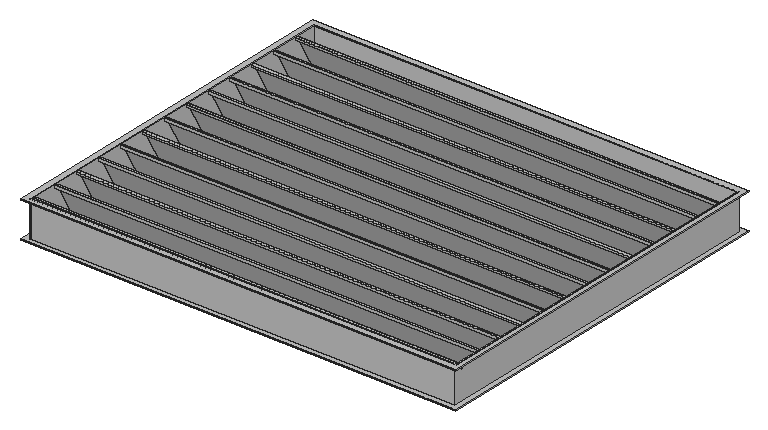
Revit family "Louver-Channel_Frame-Carnes-Rectangular-J_Blade_FLGC", category Air Terminals, host Face, Revit 2012
Parameters (values of type "(See Type Catalog)")
  ecoScorecard_data = ""
  ecoScorecard Product Page = "http://ecoscorecard.com/"
  URL = "http://www.carnes.com/index.html"
  Subcategory = "Louvers and Dampers"
  Specifications  URL = "http://www.carnes.com/Louvers/pdf/17144.pdf"
  Product Page URL = "http://www.carnes.com/Louvers/FLGC-FKGC.htm"
  Product Line = "\"J\" Blade Louvers"
  Pressure Drop = 0.00 Pa
  Point of Water Penetration = 834 FPM
  Outside Width = Louver Width + 1" * 2  # 74"
  Outside Height = Louver Height + 1" * 2  # 62"
  Model = "FLGC"
  Minimum Size = "12\"W x 12\"H"
  Meets Building Code Standards = "Licensed to bear the AMCA seal"
  Maximum Vertical Size = "84\"W x 120\"H"
  Maximum Horinzontal Size = "120\"W x 84\"H"
  Manufacturer = "Carnes Company"
  Free Area Note = "See Spec Sheet URL"
  Free Area = 0.00 SF
  Description = "\"J\" Blade Louvers"
  Connector Description 1 = "Duct Connetor"
  Blades Quantity [instance] = Louver Height / 4 5/8"  # 13
  Manufacturer Phone = "608-845-6411"
  Manufacturer Fax = "608-845-6470"
  Manufacturer Email = "mailto:carnes@carnes.com"
  Manufacturer Address = "448 S. Main St., P. O. Box 930040, Verona, WI 53593-0040"
  Louver Width = 72"
  Louver Length = 6.2"
  Louver Height = 60"
  Blades Length [instance] = Louver Length - 1/4"  # 5.95"
  Frame Material = Aluminum - Carnes - Extruded
  Default Elevation = 48"
  Cost Info = "mailto:carnes@carnes.com"
  Catalog URL = "http://www.carnes.com/Louvers/pdf/f6-7.pdf"
  Symbol Blades Quantity = (Louver Width / 3")  # 24
  Blade Offset from Frame [instance] = 3"
  Blade Material = Aluminum - Carnes - Extruded
  Assembly Code = "D3090700"
  Airflow = 0 CFM
  95 CSI = "10200"
  04 CSI = "08 91 00"
Reference planes (in)
  plane 1 "Center (Elevation)": y = 0
  plane 2: z = 0
  plane 3 "Center (Left/Right)": x = 0
  plane 4 "Rear": z = -6.2
  plane 5: z = -0.125
  plane 6: z = -6.075
  plane 7: z = -3.1
  plane 8: x = -36
  plane 9: x = 36
  plane 10: x = -37
  plane 11: x = 37
  plane 12: y = 30
  plane 13: y = -30
  plane 14: y = 31
  plane 15: y = -31
  plane 16 "Blade CL": y = 28
Forms (in)
  Extrusion 1, solid, material "Aluminum - Carnes - Extruded" <- "Frame Material"
    sketch origin (0, 0, 0) x (1, 0, 0) y (0, 1, 0)
      loop
        line (-37, 31) -> (-37, -31) -> (37, -31) -> (37, 31) -> (-37, 31)
      loop
        line (-36, 30) -> (-36, -30) -> (36, -30) -> (36, 30) -> (-36, 30)
    from -0.125 to 0
  Extrusion 2, solid, material "Aluminum - Carnes - Extruded" <- "Frame Material"
    sketch origin (0, 0, 0) x (1, 0, 0) y (0, 1, 0)
      loop
        line (-37, 31) -> (-37, -31) -> (37, -31) -> (37, 31) -> (-37, 31)
      loop
        line (-36, 30) -> (-36, -30) -> (36, -30) -> (36, 30) -> (-36, 30)
    from -6.2 to -6.075
  Extrusion 3, solid, material "Aluminum - Carnes - Extruded" <- "Frame Material"
    sketch origin (0, 0, 0) x (1, 0, 0) y (0, 1, 0)
      loop
        line (-36, 30) -> (-36, -30) -> (36, -30) -> (36, 30) -> (-36, 30)
      loop
        line (-36.125, 30.125) -> (-36.125, -30.125) -> (36.125, -30.125) -> (36.125, 30.125) -> (-36.125, 30.125)
    from -6.075 to -0.125
Lines and regions (in)
  Masking region 1, detail levels coarse
    outline origin (0, 0, 0) x (1, 0, 0) y (0, 0, 1)
      loop
        line (37, 0) -> (-37, 0) -> (-37, -6.2) -> (37, -6.2) -> (37, 0)
  Masking region 2, detail levels medium+fine
    outline origin (0, 0, 0) x (1, 0, 0) y (0, 0, 1)
      loop
        line (37, 0) -> (-37, 0) -> (-37, -0.125) -> (-36.125, -0.125) -> (-36.125, -6.075) -> (-37, -6.075) -> (-37, -6.2) -> (37, -6.2) -> (37, -6.075) -> (36.125, -6.075) -> (36.125, -0.125) -> (37, -0.125) -> (37, 0)
  symbolic lines, detail levels fine
    curve 1: line (36.125, 0, -0.125) -> (-36.125, 0, -0.125)
    curve 2: line (36.125, 0, -6.075) -> (-36.125, 0, -6.075)
  symbolic lines
    curve 3: line (36, 0, -0.1875) -> (35.52861, 0, -0.1875)
    curve 4: line (32.3704, 0, -6.0125) -> (33.94951, 0, -3.1)
    curve 5: line (33.94951, 0, -3.1) -> (35.52861, 0, -0.1875)
    curve 6: line (33, 0, -0.1875) -> (32.52861, 0, -0.1875)
    curve 7: line (29.3704, 0, -6.0125) -> (30.94951, 0, -3.1)
    curve 8: line (30.94951, 0, -3.1) -> (32.52861, 0, -0.1875)
    curve 9: line (30, 0, -0.1875) -> (29.52861, 0, -0.1875)
    curve 10: line (26.3704, 0, -6.0125) -> (27.94951, 0, -3.1)
    curve 11: line (27.94951, 0, -3.1) -> (29.52861, 0, -0.1875)
    curve 12: line (27, 0, -0.1875) -> (26.52861, 0, -0.1875)
    curve 13: line (23.3704, 0, -6.0125) -> (24.94951, 0, -3.1)
    curve 14: line (24.94951, 0, -3.1) -> (26.52861, 0, -0.1875)
    curve 15: line (24, 0, -0.1875) -> (23.52861, 0, -0.1875)
    curve 16: line (20.3704, 0, -6.0125) -> (21.94951, 0, -3.1)
    curve 17: line (21.94951, 0, -3.1) -> (23.52861, 0, -0.1875)
    curve 18: line (21, 0, -0.1875) -> (20.52861, 0, -0.1875)
    curve 19: line (17.3704, 0, -6.0125) -> (18.94951, 0, -3.1)
    curve 20: line (18.94951, 0, -3.1) -> (20.52861, 0, -0.1875)
    curve 21: line (18, 0, -0.1875) -> (17.52861, 0, -0.1875)
    curve 22: line (14.3704, 0, -6.0125) -> (15.94951, 0, -3.1)
    curve 23: line (15.94951, 0, -3.1) -> (17.52861, 0, -0.1875)
    curve 24: line (15, 0, -0.1875) -> (14.52861, 0, -0.1875)
    curve 25: line (11.3704, 0, -6.0125) -> (12.94951, 0, -3.1)
    curve 26: line (12.94951, 0, -3.1) -> (14.52861, 0, -0.1875)
    curve 27: line (12, 0, -0.1875) -> (11.52861, 0, -0.1875)
    curve 28: line (8.3704, 0, -6.0125) -> (9.94951, 0, -3.1)
    curve 29: line (9.94951, 0, -3.1) -> (11.52861, 0, -0.1875)
    curve 30: line (9, 0, -0.1875) -> (8.52861, 0, -0.1875)
    curve 31: line (5.3704, 0, -6.0125) -> (6.94951, 0, -3.1)
    curve 32: line (6.94951, 0, -3.1) -> (8.52861, 0, -0.1875)
    curve 33: line (6, 0, -0.1875) -> (5.52861, 0, -0.1875)
    curve 34: line (2.3704, 0, -6.0125) -> (3.94951, 0, -3.1)
    curve 35: line (3.94951, 0, -3.1) -> (5.52861, 0, -0.1875)
    curve 36: line (3, 0, -0.1875) -> (2.52861, 0, -0.1875)
    curve 37: line (-0.6296, 0, -6.0125) -> (0.94951, 0, -3.1)
    curve 38: line (0.94951, 0, -3.1) -> (2.52861, 0, -0.1875)
    curve 39: line (0, 0, -0.1875) -> (-0.47139, 0, -0.1875)
    curve 40: line (-3.6296, 0, -6.0125) -> (-2.05049, 0, -3.1)
    curve 41: line (-2.05049, 0, -3.1) -> (-0.47139, 0, -0.1875)
    curve 42: line (-3, 0, -0.1875) -> (-3.47139, 0, -0.1875)
    curve 43: line (-6.6296, 0, -6.0125) -> (-5.05049, 0, -3.1)
    curve 44: line (-5.05049, 0, -3.1) -> (-3.47139, 0, -0.1875)
    curve 45: line (-6, 0, -0.1875) -> (-6.47139, 0, -0.1875)
    curve 46: line (-9.6296, 0, -6.0125) -> (-8.05049, 0, -3.1)
    curve 47: line (-8.05049, 0, -3.1) -> (-6.47139, 0, -0.1875)
    curve 48: line (-9, 0, -0.1875) -> (-9.47139, 0, -0.1875)
    curve 49: line (-12.6296, 0, -6.0125) -> (-11.05049, 0, -3.1)
    curve 50: line (-11.05049, 0, -3.1) -> (-9.47139, 0, -0.1875)
    curve 51: line (-12, 0, -0.1875) -> (-12.47139, 0, -0.1875)
    curve 52: line (-15.6296, 0, -6.0125) -> (-14.05049, 0, -3.1)
    curve 53: line (-14.05049, 0, -3.1) -> (-12.47139, 0, -0.1875)
    curve 54: line (-15, 0, -0.1875) -> (-15.47139, 0, -0.1875)
    curve 55: line (-18.6296, 0, -6.0125) -> (-17.05049, 0, -3.1)
    curve 56: line (-17.05049, 0, -3.1) -> (-15.47139, 0, -0.1875)
    curve 57: line (-18, 0, -0.1875) -> (-18.47139, 0, -0.1875)
    curve 58: line (-21.6296, 0, -6.0125) -> (-20.05049, 0, -3.1)
    curve 59: line (-20.05049, 0, -3.1) -> (-18.47139, 0, -0.1875)
    curve 60: line (-21, 0, -0.1875) -> (-21.47139, 0, -0.1875)
    curve 61: line (-24.6296, 0, -6.0125) -> (-23.05049, 0, -3.1)
    curve 62: line (-23.05049, 0, -3.1) -> (-21.47139, 0, -0.1875)
    curve 63: line (-24, 0, -0.1875) -> (-24.47139, 0, -0.1875)
    curve 64: line (-27.6296, 0, -6.0125) -> (-26.05049, 0, -3.1)
    curve 65: line (-26.05049, 0, -3.1) -> (-24.47139, 0, -0.1875)
    curve 66: line (-27, 0, -0.1875) -> (-27.47139, 0, -0.1875)
    curve 67: line (-30.6296, 0, -6.0125) -> (-29.05049, 0, -3.1)
    curve 68: line (-29.05049, 0, -3.1) -> (-27.47139, 0, -0.1875)
    curve 69: line (-30, 0, -0.1875) -> (-30.47139, 0, -0.1875)
    curve 70: line (-33.6296, 0, -6.0125) -> (-32.05049, 0, -3.1)
    curve 71: line (-32.05049, 0, -3.1) -> (-30.47139, 0, -0.1875)
    curve 72: line (32.3704, 0, -6.0125) -> (31.8704, 0, -6.0125)
    curve 73: line (29.3704, 0, -6.0125) -> (28.8704, 0, -6.0125)
    curve 74: line (26.3704, 0, -6.0125) -> (25.8704, 0, -6.0125)
    curve 75: line (23.3704, 0, -6.0125) -> (22.8704, 0, -6.0125)
    curve 76: line (20.3704, 0, -6.0125) -> (19.8704, 0, -6.0125)
    curve 77: line (17.3704, 0, -6.0125) -> (16.8704, 0, -6.0125)
    curve 78: line (14.3704, 0, -6.0125) -> (13.8704, 0, -6.0125)
    curve 79: line (11.3704, 0, -6.0125) -> (10.8704, 0, -6.0125)
    curve 80: line (8.3704, 0, -6.0125) -> (7.8704, 0, -6.0125)
    curve 81: line (5.3704, 0, -6.0125) -> (4.8704, 0, -6.0125)
    curve 82: line (2.3704, 0, -6.0125) -> (1.8704, 0, -6.0125)
    curve 83: line (-0.6296, 0, -6.0125) -> (-1.1296, 0, -6.0125)
    curve 84: line (-3.6296, 0, -6.0125) -> (-4.1296, 0, -6.0125)
    curve 85: line (-6.6296, 0, -6.0125) -> (-7.1296, 0, -6.0125)
    curve 86: line (-9.6296, 0, -6.0125) -> (-10.1296, 0, -6.0125)
    curve 87: line (-12.6296, 0, -6.0125) -> (-13.1296, 0, -6.0125)
    curve 88: line (-15.6296, 0, -6.0125) -> (-16.1296, 0, -6.0125)
    curve 89: line (-18.6296, 0, -6.0125) -> (-19.1296, 0, -6.0125)
    curve 90: line (-21.6296, 0, -6.0125) -> (-22.1296, 0, -6.0125)
    curve 91: line (-24.6296, 0, -6.0125) -> (-25.1296, 0, -6.0125)
    curve 92: line (-27.6296, 0, -6.0125) -> (-28.1296, 0, -6.0125)
    curve 93: line (-30.6296, 0, -6.0125) -> (-31.1296, 0, -6.0125)
    curve 94: line (-33.6296, 0, -6.0125) -> (-34.1296, 0, -6.0125)
    curve 95: line (-33, 0, -0.1875) -> (-33.47139, 0, -0.1875)
    curve 96: line (-36.6296, 0, -6.0125) -> (-35.05049, 0, -3.1)
    curve 97: line (-35.05049, 0, -3.1) -> (-33.47139, 0, -0.1875)
    curve 98: line (-36.6296, 0, -6.0125) -> (-37.1296, 0, -6.0125)
Dimensions and locks (in)
  equal spacing: plane 15, plane 1 "Center (Elevation)", plane 14
  locked: plane 2 to plane 5 at 0.125
  locked: plane 6 to plane 4 "Rear" at 0.125
  "Louver Length": plane 2 to plane 4 "Rear"
  equal spacing: plane 5, plane 7, plane 6
  "Blade Offset from Frame": plane 14 to plane 16 "Blade CL"
  equal spacing: group 1, group 2, group 3, group 4, group 5, group 6, group 7, group 8, group 9, group 10, group 11, group 12, group 36  (x2)
  equal spacing: group 36, group 12, group 11, group 10, group 9, group 8, group 7, group 6, group 5, group 4, group 3, group 2, group 1
  locked: nested 1 to nested 2 at 4.64
  "Outside Height": plane 14 to plane 15
  equal spacing: plane 8, plane 3 "Center (Left/Right)", plane 9
  "Louver Width": plane 8 to plane 9
  equal spacing: plane 10, plane 3 "Center (Left/Right)", plane 11
  "Outside Width": plane 10 to plane 11
  equal spacing: plane 13, plane 1 "Center (Elevation)", plane 12
  "Louver Height": plane 13 to plane 12
  locked: curve 3 to plane 5 at 0.0625
  equal spacing: group 37, group 35, group 34, group 33, group 32, group 31, group 30, group 29, group 28, group 27, group 26, group 25, group 24, group 23, group 22, group 21, group 20, group 19, group 18, group 17, group 16, group 15, group 14, group 13
  equal spacing: group 13, group 14, group 15, group 16, group 17, group 18, group 19, group 20, group 21, group 22, group 23, group 24, group 25, group 26, group 27, group 28, group 29, group 30, group 31, group 32, group 33, group 34, group 35, group 37  (x2)
  locked: curve 51 to plane 5 at 0.0625
  locked: curve 5 to curve 8 at 3
  locked: plane 6 to curve 72 at 0.0625
  locked: curve 72 to plane 9 at 4.1296
  aligned and locked: plane 2 to host face
  aligned and locked: host face to level
  aligned and locked: plane 10 to Extrusion 1 sketch curve
  aligned and locked: Extrusion 1 sketch curve to plane 14
  aligned and locked: plane 15 to Extrusion 1 sketch curve
  aligned and locked: plane 11 to Extrusion 1 sketch curve
  aligned and locked: plane 8 to Extrusion 1 sketch curve
  aligned and locked: Extrusion 1 sketch curve to plane 12
  aligned and locked: plane 13 to Extrusion 1 sketch curve
  aligned and locked: plane 9 to Extrusion 1 sketch curve
  aligned and locked: Extrusion 1 to plane 5
  aligned and locked: plane 2 to Extrusion 1
  aligned and locked: Extrusion 2 sketch curve to Extrusion 1  (x6)
  aligned and locked: Extrusion 1 to Extrusion 2 sketch curve  (x2)
  aligned and locked: plane 6 to Extrusion 2
  aligned and locked: Extrusion 2 to plane 4 "Rear"
  aligned and locked: plane 8 to Extrusion 3 sketch curve
  aligned and locked: Extrusion 3 sketch curve to Extrusion 1  (x3)
  aligned and locked: plane 5 to Extrusion 3
  aligned and locked: Extrusion 3 to plane 6
  aligned and locked: plane 7 to nested 1
  aligned and locked: nested 1 to plane 16 "Blade CL"
  aligned and locked: plane 11 to Masking region 1 sketch curve
  aligned and locked: Masking region 1 sketch curve to plane 2
  aligned and locked: plane 4 "Rear" to Masking region 1 sketch curve
  aligned and locked: plane 10 to Masking region 1 sketch curve
  aligned and locked: Masking region 2 sketch curve to level
  aligned and locked: Masking region 2 sketch curve to plane 11  (x2)
  aligned and locked: plane 5 to Masking region 2 sketch curve  (x2)
  aligned and locked: Masking region 2 sketch curve to Extrusion 3  (x2)
  aligned and locked: plane 6 to Masking region 2 sketch curve  (x2)
  aligned and locked: plane 4 "Rear" to Masking region 2 sketch curve
  aligned and locked: Masking region 2 sketch curve to plane 10  (x2)
  aligned and locked: Extrusion 3 to curve 1  (x2)
  aligned and locked: curve 1 to plane 5
  aligned and locked: Extrusion 3 to curve 2  (x2)
  aligned and locked: curve 2 to plane 6
  aligned and locked: plane 7 to nested 13
Automatic sketch dimensions
  Extrusion 3 sketch curve to plane 8 = 1/8"
  Extrusion 3 sketch curve to plane 9 = 1/8"
  plane 13 to Extrusion 3 sketch curve = 1/8"
  plane 12 to Extrusion 3 sketch curve = 1/8"
  host sketch curve to host sketch curve = 122.28147"
  host sketch curve to host sketch curve = 113.0841"
  curve 4 to curve 5 = 3.31304"  (x4)
  curve 3 to curve 3 = 0.47139"
  curve 72 to curve 72 = 1/2"
  curve 73 to curve 73 = 1/2"
  curve 74 to curve 74 = 1/2"
  curve 75 to curve 75 = 1/2"
  curve 76 to curve 76 = 1/2"
  curve 77 to curve 77 = 1/2"
  curve 78 to curve 78 = 1/2"
  curve 79 to curve 79 = 1/2"
  curve 80 to curve 80 = 1/2"
  curve 81 to curve 81 = 1/2"
  curve 82 to curve 82 = 1/2"
  curve 83 to curve 83 = 1/2"
  curve 84 to curve 84 = 1/2"
  curve 85 to curve 85 = 1/2"
  curve 86 to curve 86 = 1/2"
  curve 87 to curve 87 = 1/2"
  curve 88 to curve 88 = 1/2"
  curve 89 to curve 89 = 1/2"
  curve 90 to curve 90 = 1/2"
  curve 91 to curve 91 = 1/2"
  curve 92 to curve 92 = 1/2"
  curve 93 to curve 93 = 1/2"
  curve 94 to curve 94 = 1/2"
  curve 98 to curve 98 = 1/2"
Nested families (in)
  nested 1: "Louver_Blade-Carnes" at (0, 28, -3.1), type "Standard"
    with Width 72", Length 5.95"
  nested 2: "Louver_Blade-Carnes" at (0, 23.36, -3.1), type "Standard"
    with Width 72", Length 5.95"
  nested 3: "Louver_Blade-Carnes" at (0, 18.72, -3.1), type "Standard"
    with Width 72", Length 5.95"
  nested 4: "Louver_Blade-Carnes" at (0, 14.08, -3.1), type "Standard"
    with Width 72", Length 5.95"
  nested 5: "Louver_Blade-Carnes" at (0, 9.44, -3.1), type "Standard"
    with Width 72", Length 5.95"
  nested 6: "Louver_Blade-Carnes" at (0, 4.8, -3.1), type "Standard"
    with Width 72", Length 5.95"
  nested 7: "Louver_Blade-Carnes" at (0, 0.16, -3.1), type "Standard"
    with Width 72", Length 5.95"
  nested 8: "Louver_Blade-Carnes" at (0, -4.48, -3.1), type "Standard"
    with Width 72", Length 5.95"
  nested 9: "Louver_Blade-Carnes" at (0, -9.12, -3.1), type "Standard"
    with Width 72", Length 5.95"
  nested 10: "Louver_Blade-Carnes" at (0, -13.76, -3.1), type "Standard"
    with Width 72", Length 5.95"
  nested 11: "Louver_Blade-Carnes" at (0, -18.4, -3.1), type "Standard"
    with Width 72", Length 5.95"
  nested 12: "Louver_Blade-Carnes" at (0, -23.04, -3.1), type "Standard"
    with Width 72", Length 5.95"
  nested 13: "Louver_Blade-Carnes" at (0, -27.68, -3.1), type "Standard"
    with Width 72", Length 5.95"
Connectors (in)
  hvac at (0, 0, -6.2), driven by "Louver Height", driven by "Louver Width", driven by "Connector Description 1", driven by "Airflow", driven by "Pressure Drop"
    settings: on Extrusion 2, index 1, duct flow 0 CFM, flow factor 0, pres drop 0.00 Pa, loss coef 0, conn angle 0.00°, conn width 72", conn height 60", conn radius 12", duct sys type 29, conn prof type 1, flow config 0, flow direction 0, loss method 4, conn ref index -1, conn util no, is conn primary yes, conn desc "Duct Connetor"
Definition of nested family "Louver_Blade-Carnes"
  Parameters (values of type "Standard")
    Width = 12"
    Blade Material = none
    Length = 5 1/2"
    Assembly Code = ""
  Reference planes (in)
    plane 1 "Center (Front/Back)": y = 0
    plane 2: z = 0
    plane 3 "Center (Left/Right)": x = 0
    plane 4: y = 2
    plane 5: y = -2
    plane 6: z = 2.75
    plane 7: z = -2.75
    plane 8: x = -6
    plane 9: x = 6
  Forms (in)
    Sweep 1, solid, material <- "Blade Material"
      path origin (0, 0, 0) x (1, 0, 0) y (0, 1, 0)
        loop
          line (-6, 0) -> (6, 0)
      profile origin (0, 0, 0) x (0, 1, 0) y (0, 0, 1)
        loop
          line (-2, 2.75) -> (-2, 2.34375) -> (-1.9375, 2.34375) -> (-1.9375, 2.6875) -> (-1.60161, 2.6875) -> (-0.00915, 0.00388) -> (1.625, -2.75) -> (2, -2.75) -> (2, -2.34375) -> (1.9375, -2.34375) -> (1.9375, -2.6875) -> (1.66411, -2.6875) -> (0.10505, -0.06016) -> (-1.5625, 2.75) -> (-2, 2.75)
  Dimensions and locks (in)
    equal spacing: plane 4, plane 1 "Center (Front/Back)", plane 5
    locked: plane 4 to plane 5 at 4
    equal spacing: plane 7, plane 2, plane 6
    "Length": plane 7 to plane 6
    equal spacing: plane 8, plane 3 "Center (Left/Right)", plane 9
    "Width": plane 8 to plane 9
    locked: Sweep 1 sketch curve to Sweep 1 sketch curve at 0.0625  (x4)
    locked: Sweep 1 sketch curve to Sweep 1 sketch curve at 0.375
    locked: Sweep 1 sketch curve to Sweep 1 sketch curve at 0.4375
    locked: Sweep 1 sketch curve to Sweep 1 sketch curve at 0.06553  (x2)
    aligned and locked: plane 1 "Center (Front/Back)" to Sweep 1 sketch curve
    aligned and locked: plane 8 to Sweep 1 sketch curve
    aligned and locked: plane 9 to Sweep 1 sketch curve
    aligned and locked: plane 7 to Sweep 1 sketch curve
    aligned and locked: plane 4 to Sweep 1 sketch curve
    aligned and locked: plane 6 to Sweep 1 sketch curve
    aligned and locked: plane 5 to Sweep 1 sketch curve
    aligned and locked: Sweep 1 sketch curve to Sweep 1 sketch curve  (x2)
  Automatic sketch dimensions
    Sweep 1 sketch curve to Sweep 1 sketch curve = 11/32"  (x2)
    profile plane to Sweep 1 sketch curve = 0.00915"
    Sweep 1 sketch curve to profile plane = 0.10505"
